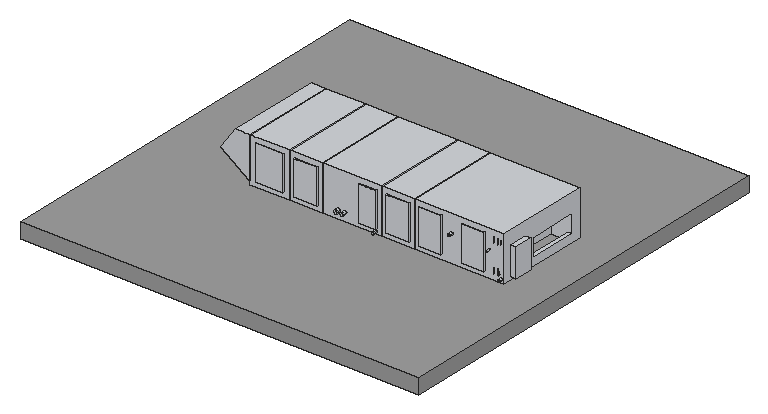
Revit family
Parameters (values of type "6 Row DX-R22")
  Wheel Size [instance] = ""
  Voltage = 480 V
  Unit Weight (lbs) = 3319  # constant formula
  URL = "http://www.appliedair.com"
  Total Static Pressure [instance] = 0.00 in-wg
  Total Heating Capacity [instance] = 0.0 Btu/h
  Total Cooling Capacity [instance] = 0.0 Btu/h
  Temperature Rise [instance] = 0 °F
  Supply Air Pressure Drop [instance] = 0.00 in-wg
  Supply Air Outlet Flow [instance] = 0 CFM
  Supply Air Inlet Flow [instance] = 0 CFM
  Series = "IFL"
  Return Coil Horizontal Offset = 1' - 1"  # constant formula
  Return Air Inlet Flow [instance] = 0 CFM
  Return Air Flow Height = 1' - 8"
  Refrigerant Type = "R22"
  Refrigerant Supply Pressure [instance] = 0.00 psi
  Refrigerant Supply Flow [instance] = 0 GPM
  Refrigerant Return Pressure [instance] = 0.00 psi
  Refrigerant Return Flow [instance] = 0 GPM
  Product URL = "http://www.appliedair.com/ifl.asp"
  Power Vertical Offset = 1' - 2 1/4"
  Power Horizontal Offset = 2' - 6"
  Power Connection Radius = 0' - 0 3/4"
  Phase = 3
  Output Heat [instance] = 0.0 Btu/h
  OmniClass = "23-75 10 24 21 27 17"
  Number of Rows = 6
  Number of Poles = 3
  Nominal Width = 6' - 4"  # constant formula
  Nominal Length = 18' - 11 5/16"  # constant formula
  Nominal Height = 3' - 0"  # constant formula
  Motor Horsepower (HP) [instance] = 0
  Motor Brake Horsepower (BHP) [instance] = 0
  Motor Amps [instance] = 0 A
  Model = "20"
  Minimum Input [instance] = 0.0 Btu/h
  Minimum Air Flow = 1500 CFM
  Maximum Input [instance] = 0.0 Btu/h
  Maximum Air Flow = 5000 CFM
  Manufacturer = "Applied Air"
  M = 3' - 4"  # constant formula
  L = 1' - 2 1/2"  # constant formula
  K = 2' - 4 11/16"  # constant formula
  J = 0' - 6 3/8"  # constant formula
  Heating Leaving Water Temperature [instance] = 0 °F
  Heating Leaving Air Temperature Wet Bulb [instance] = 0 °F
  Heating Leaving Air Temperature Dry Bulb [instance] = 0 °F
  Heating Entering Water Temperature [instance] = 0 °F
  Heating Entering Air Temperature Wet Bulb [instance] = 0 °F
  Heating Entering Air Temperature Dry Bulb [instance] = 0 °F
  Gas Vertical Offset = 1' - 9"  # constant formula
  Gas Horizontal Offset = 0' - 11 1/2"
  Gas Connection Radius = 0' - 0 3/8"  # constant formula
  Condensate Vertical Offset = 0' - 2 3/4"
  Condensate Radius = 0' - 0 3/4"  # constant formula
  Gas Pressure Drop [instance] = 0.00 psi
  Gas Input [instance] = 0.0 Btu/h
  Condensate Drain  Horizontal Offset = 0' - 1 27/32"
  Gas Flow [instance] = 0 GPM
  Condensate Drain Connection Radius = Condensate Radius  # 0' - 0 3/4"
  Furnace Size [instance] = ""
  Frequency = 60 Hz
  Fan Speed (RPM) [instance] = 0
  Face Velocity (FPM) [instance] = 0
  Face Pressure Drop [instance] = 0' - 0"
  Drain Pressure Drop [instance] = 0.00 psi
  Drain Flow [instance] = 0 GPM
  Description = "Dedicated Outside Air Split System"
  Cooling Sensible Capacity [instance] = 0 Btu/h
  Cooling Leaving Air Temperature Wet Bulb [instance] = 0 °F
  Cooling Leaving Air Temperature Dry Bulb [instance] = 0 °F
  Cooling Entering Air Temperature Wet Bulb [instance] = 0 °F
  Cooling Entering Air Temperature Dry Bulb [instance] = 0 °F
  Cooling Coil Radius = 0' 2 1/2" / 2  # 0' - 1 1/4"
  H = 0' - 3 1/16"
  G = 1' - 11 5/16"
  Drain Vertical Offset = 0' - 2"
  Drain Radius = 0' - 1"
  Drain Horizontal Offset = 0' - 5"
  Default Elevation = 4' - 0"
  F = 2' - 2"
  E = 4' - 0"
  D = 5' - 4"
  Combustion Air Flow [instance] = 0 CFM
  Coils Depth = 0' - 3"
  Coil Outlet Vertical Offset = 2' - 5 113/256"  # constant formula
  Coil Face Area = if(Choose Coil Option = 1, 6.00 SF, if(Choose Coil Option = 2, 10.50 SF, 0.00 SF))  # 10.50 SF
  Choose Coil Option = 2
  Coil Inlet Vertical Offsets = 0' - 6 143/256"
  Supply Coil Horizontal Offset = 1' - 6"  # constant formula
  Burner Amps [instance] = 0 A
  B = 6' - 0"
  Assembly Code = "D3030200"
  Apparent Power [instance] = (Motor Amps + Burner Amps) * Voltage * sqrt(3)  # 0 VA
  AHU Material = Galvanized Steel
  24x63 DX Coils = Choose Coil Option = 2  # yes
  24x36 DX Coils = Choose Coil Option = 1  # no
Reference planes (in)
  plane 1 "Center (Front/Back)": y = 0
  plane 2: z = -0.00391
  plane 3 "Center (Left/Right)": x = 0
  plane 4: y = 38
  plane 5: y = -38
  plane 6: x = -24
  plane 7: x = 24
  plane 8: x = 50
  plane 9: z = 35.99609
  plane 10: x = 122
  plane 11: x = -50
  plane 12: x = -82
  plane 13: x = -105.3125
  plane 14: x = -11
  plane 15: x = -6
  plane 16: z = 6.55469
  plane 17: z = 6.55469
  plane 18: y = -41
  plane 19: x = 19
  plane 20: z = 1.99609
  plane 21: x = 80
  plane 22: z = 21.74609
  plane 23: z = 2.74609
  plane 24: x = 120.15625
  plane 25: x = 110.5
  plane 26: z = 20.99609
Forms (in)
  Extrusion 1, solid, material "Default"
    sketch origin (0, 0, 0) x (1, 0, 0) y (0, 1, 0)
      loop
        line (-164.84185, 166) -> (-164.84185, -165.6411) -> (155.35983, -165.6411) -> (155.35983, 166) -> (-164.84185, 166)
    from -0.00391 to -12
  Extrusion 2, solid
    sketch origin (0.62705, 0, 0) x (1, 0, 0) y (0, 0, 1)
      loop
        line (-24.62705, 0) -> (23.37295, 0) -> (23.37295, 35.99609) -> (-24.62705, 35.99609) -> (-24.62705, 0)
    from -38 to 38
  Extrusion 3, solid
    sketch origin (66.62705, 0, 0) x (1, 0, 0) y (0, 0, 1)
      loop
        line (-42.62705, 0) -> (-16.62705, 0) -> (-16.62705, 35.99609) -> (-42.62705, 35.99609) -> (-42.62705, 0)
    from -38 to 38
  Extrusion 4, solid
    sketch origin (120.62705, 0, 0) x (1, 0, 0) y (0, 0, 1)
      loop
        line (-70.62705, 0) -> (1.37295, 0) -> (1.37295, 35.99609) -> (-70.62705, 35.99609) -> (-70.62705, 0)
    from -38 to 38
  Extrusion 5, solid
    sketch origin (-17.37295, 0, 0) x (1, 0, 0) y (0, 0, 1)
      loop
        line (-32.62705, -0.00391) -> (-6.62705, -0.00391) -> (-6.62705, 35.99609) -> (-32.62705, 35.99609) -> (-32.62705, -0.00391)
    from -38 to 38
  Extrusion 6, solid
    sketch origin (-41.37295, 0, 0) x (1, 0, 0) y (0, 0, 1)
      loop
        line (-40.62705, -0.00391) -> (-8.62705, -0.00391) -> (-8.62705, 35.99609) -> (-40.62705, 35.99609) -> (-40.62705, -0.00391)
    from -38 to 38
  Extrusion 7, solid
    sketch origin (0, 0, 0) x (1, 0, 0) y (0, 0, 1)
      loop
        line (-105.3125, 18.99609) -> (-82, 2.99609) -> (-82, 35.99609) -> (-93.64494, 35.99609) -> (-105.3125, 18.99609)
    from -38 to 38
  Extrusion 8, void
    sketch origin (0, 0, 0) x (1, 0, 0) y (0, 1, 0)
      loop
        line (-75, 32) -> (-75, -32) -> (-55, -32) -> (-55, 32) -> (-75, 32)
    from 0 to 31.59567
  Extrusion 9, void
    sketch origin (0, 0, 0) x (0, 1, 0) y (0, 0, 1)
      loop
        line (-32, 9) -> (32, 9) -> (32, 29) -> (-32, 29) -> (-32, 9)
    from -55 to -94.13707
  Extrusion 10, void
    sketch origin (0, 0, 0) x (1, 0, 0) y (0, 1, 0)
      loop
        line (118.9375, -9.3125) -> (118.9375, 30.6875) -> (104.4375, 30.6875) -> (104.4375, -9.3125) -> (118.9375, -9.3125)
    from 0 to 21.23232
  Extrusion 11, void
    sketch origin (0, 0, 0) x (1, 0, 0) y (0, 0, 1)
      loop
        line (122, 6.37109) -> (122, 20.87109) -> (104.4375, 20.87109) -> (104.4375, 6.37109) -> (122, 6.37109)
    from -30.6875 to 9.3125
  Extrusion 12, solid
    sketch origin (0, 0, 0) x (1, 0, 0) y (0, 1, 0)
      loop
        line (122, -17) -> (122, -32) -> (127, -32) -> (127, -17) -> (122, -17)
    from 3.06225 to 25.87762
  Extrusion 13, solid
    sketch origin (0, 0, 0) x (1, 0, 0) y (0, 0, 1)
      loop
        circle (-6, 6.55469) r 1.25
      loop
        circle (-11, 6.55469) r 1.25
      loop
        circle (19, 1.99609) r 1
      loop
        circle (80, 21.74609) r 0.75
      loop
        circle (120.15625, 2.74609) r 0.75
      loop
        circle (110.5, 20.99609) r 0.375
    from 38 to 41
  Extrusion 14, solid
    sketch origin (0, -38, 0) x (1, 0, 0) y (0, 0, 1)
      loop
        line (-55, 31.99609) -> (-77, 31.99609) -> (-77, 3.99609) -> (-55, 3.99609) -> (-55, 31.99609)
      loop
        line (-28, 31.99609) -> (-46, 31.99609) -> (-46, 3.99609) -> (-28, 3.99609) -> (-28, 31.99609)
      loop
        line (20, 31.99609) -> (6, 31.99609) -> (6, 3.99609) -> (20, 3.99609) -> (20, 31.99609)
      loop
        line (46, 31.99609) -> (28, 31.99609) -> (28, 3.99609) -> (46, 3.99609) -> (46, 31.99609)
      loop
        line (72, 31.99609) -> (54, 31.99609) -> (54, 3.99609) -> (72, 3.99609) -> (72, 31.99609)
      loop
        line (107, 31.99609) -> (89, 31.99609) -> (89, 3.99609) -> (107, 3.99609) -> (107, 31.99609)
    from 0 to 1
  Extrusion 15, void
    sketch origin (-0.35783, 0, -2.35783) x (1, 0, 0) y (0, 0, 1)
      loop
        line (114.55215, 32.70523) -> (114.55215, 32.20523) -> (116.80215, 32.20523) -> (116.80215, 32.70523) -> (114.55215, 32.70523)
      loop
        line (117.55215, 32.70523) -> (117.55215, 32.20523) -> (119.80215, 32.20523) -> (119.80215, 32.70523) -> (117.55215, 32.70523)
      loop
        line (114.55215, 33.45523) -> (114.55215, 32.95523) -> (116.80215, 32.95523) -> (116.80215, 33.45523) -> (114.55215, 33.45523)
      loop
        line (117.55215, 33.45523) -> (117.55215, 32.95523) -> (119.80215, 32.95523) -> (119.80215, 33.45523) -> (117.55215, 33.45523)
      loop
        line (114.55215, 31.95523) -> (114.55215, 31.45523) -> (116.80215, 31.45523) -> (116.80215, 31.95523) -> (114.55215, 31.95523)
      loop
        line (117.55215, 31.95523) -> (117.55215, 31.45523) -> (119.80215, 31.45523) -> (119.80215, 31.95523) -> (117.55215, 31.95523)
      loop
        line (114.55215, 31.20523) -> (114.55215, 30.70523) -> (116.80215, 30.70523) -> (116.80215, 31.20523) -> (114.55215, 31.20523)
      loop
        line (117.55215, 31.20523) -> (117.55215, 30.70523) -> (119.80215, 30.70523) -> (119.80215, 31.20523) -> (117.55215, 31.20523)
      loop
        line (114.55215, 30.45523) -> (114.55215, 29.95523) -> (116.80215, 29.95523) -> (116.80215, 30.45523) -> (114.55215, 30.45523)
      loop
        line (117.55215, 30.45523) -> (117.55215, 29.95523) -> (119.80215, 29.95523) -> (119.80215, 30.45523) -> (117.55215, 30.45523)
      loop
        line (114.55215, 29.70523) -> (114.55215, 29.20523) -> (116.80215, 29.20523) -> (116.80215, 29.70523) -> (114.55215, 29.70523)
      loop
        line (117.55215, 29.70523) -> (117.55215, 29.20523) -> (119.80215, 29.20523) -> (119.80215, 29.70523) -> (117.55215, 29.70523)
      loop
        line (114.55215, 7.78696) -> (116.80215, 7.78696) -> (116.80215, 8.28696) -> (114.55215, 8.28696) -> (114.55215, 7.78696)
      loop
        line (117.55215, 7.78696) -> (119.80215, 7.78696) -> (119.80215, 8.28696) -> (117.55215, 8.28696) -> (117.55215, 7.78696)
      loop
        line (114.55215, 7.03696) -> (116.80215, 7.03696) -> (116.80215, 7.53696) -> (114.55215, 7.53696) -> (114.55215, 7.03696)
      loop
        line (117.55215, 7.03696) -> (119.80215, 7.03696) -> (119.80215, 7.53696) -> (117.55215, 7.53696) -> (117.55215, 7.03696)
      loop
        line (114.55215, 8.53696) -> (116.80215, 8.53696) -> (116.80215, 9.03696) -> (114.55215, 9.03696) -> (114.55215, 8.53696)
      loop
        line (117.55215, 8.53696) -> (119.80215, 8.53696) -> (119.80215, 9.03696) -> (117.55215, 9.03696) -> (117.55215, 8.53696)
      loop
        line (114.55215, 9.28696) -> (116.80215, 9.28696) -> (116.80215, 9.78696) -> (114.55215, 9.78696) -> (114.55215, 9.28696)
      loop
        line (117.55215, 9.28696) -> (119.80215, 9.28696) -> (119.80215, 9.78696) -> (117.55215, 9.78696) -> (117.55215, 9.28696)
      loop
        line (114.55215, 10.03696) -> (116.80215, 10.03696) -> (116.80215, 10.53696) -> (114.55215, 10.53696) -> (114.55215, 10.03696)
      loop
        line (117.55215, 10.03696) -> (119.80215, 10.03696) -> (119.80215, 10.53696) -> (117.55215, 10.53696) -> (117.55215, 10.03696)
      loop
        line (114.55215, 10.78696) -> (116.80215, 10.78696) -> (116.80215, 11.28696) -> (114.55215, 11.28696) -> (114.55215, 10.78696)
      loop
        line (117.55215, 10.78696) -> (119.80215, 10.78696) -> (119.80215, 11.28696) -> (117.55215, 11.28696) -> (117.55215, 10.78696)
    from 32 to 38
Cuts and joins
  Extrusion 8, Extrusion 9 cuts Extrusion 6
  Extrusion 9 cuts Extrusion 2
  Extrusion 9 cuts Extrusion 3
  Extrusion 9 cuts Extrusion 7
  Extrusion 10, Extrusion 11, Extrusion 15 cuts Extrusion 4
Dimensions and locks (in)
  "Nominal Width": plane 5 to plane 4
  "E": plane 6 to plane 7
  equal spacing: plane 6, plane 3 "Center (Left/Right)", plane 7
  "Nominal Height": plane 9 to plane 2
  "F": plane 7 to plane 8
  "F": plane 11 to plane 6
  locked: plane 12 to plane 11 at 32
  "B": plane 8 to plane 10
  "G": plane 13 to plane 12
  "D": Extrusion 8 sketch curve to Extrusion 8 sketch curve
  locked: Extrusion 8 sketch curve to Extrusion 8 sketch curve at 20
  locked: Extrusion 9 sketch curve to Extrusion 9 sketch curve at 20
  "D": Extrusion 9 sketch curve to Extrusion 9 sketch curve
  locked: level to Extrusion 9 sketch curve at 9
  "K": plane 5 to Extrusion 10 sketch curve
  "M": Extrusion 10 sketch curve to Extrusion 10 sketch curve
  "H": Extrusion 10 sketch curve to plane 10
  "L": Extrusion 10 sketch curve to Extrusion 10 sketch curve
  "J": Extrusion 11 sketch curve to plane 2
  "L": Extrusion 11 sketch curve to Extrusion 11 sketch curve
  "K": cut or joined group of Extrusion 4, Extrusion 10, Extrusion 11, Extrusion 15 to plane 5
  "M": cut or joined group of Extrusion 4, Extrusion 10, Extrusion 11, Extrusion 15 to cut or joined group of Extrusion 4, Extrusion 10, Extrusion 11, Extrusion 15
  locked: plane 9 to Extrusion 12 at 10.11847
  locked: Extrusion 12 to Extrusion 12 at 22.81538
  locked: Extrusion 12 to plane 2 at 3.06615
  locked: Extrusion 12 to Extrusion 12 at 5
  "Coils Depth": plane 18 to plane 5
  "Coil Inlet Vertical Offsets": plane 16 to plane 2
  "Coil Outlet Vertical Offset": plane 9 to plane 17
  "Return Coil Horizontal Offset": plane 6 to plane 14
  "Supply Coil Horizontal Offset": plane 6 to plane 15
  "Drain Vertical Offset": plane 20 to plane 2
  "Drain Horizontal Offset": plane 19 to plane 7
  locked: plane 12 to Extrusion 14 sketch curve at 5
  locked: Extrusion 14 sketch curve to plane 11 at 5
  locked: plane 9 to Extrusion 14 sketch curve at 4  (x6)
  locked: Extrusion 14 sketch curve to plane 2 at 4  (x6)
  locked: plane 11 to Extrusion 14 sketch curve at 4
  locked: Extrusion 14 sketch curve to plane 6 at 4
  locked: plane 6 to Extrusion 14 sketch curve at 30
  locked: Extrusion 14 sketch curve to plane 7 at 4
  locked: plane 7 to Extrusion 14 sketch curve at 4
  locked: Extrusion 14 sketch curve to plane 8 at 4
  locked: plane 8 to Extrusion 14 sketch curve at 4
  locked: Extrusion 14 sketch curve to Extrusion 14 sketch curve at 17
  locked: Extrusion 14 sketch curve to plane 10 at 15
  "Power Vertical Offset": plane 9 to plane 22
  "Power Horizontal Offset": plane 8 to plane 21
  locked: Extrusion 14 to plane 5 at 1
  "Condensate Vertical Offset": plane 23 to plane 2
  plane 13 to plane 10 = 18' - 11 5/16"
  "Condensate Drain  Horizontal Offset": plane 24 to plane 10
  "Gas Vertical Offset": plane 26 to plane 2
  "Gas Horizontal Offset": plane 25 to plane 10
  locked: Extrusion 13 sketch curve to plane 14 at 0
  locked: Extrusion 13 sketch curve to plane 15 at 0
  locked: Extrusion 13 sketch curve to plane 19 at 0
  locked: Extrusion 13 sketch curve to plane 21 at 0
  locked: Extrusion 13 sketch curve to plane 25 at 0
  locked: Extrusion 13 sketch curve to plane 23 at 0
  locked: Extrusion 13 sketch curve to plane 24 at 0
  locked: Extrusion 13 sketch curve to plane 20 at 0
  locked: Extrusion 13 sketch curve to plane 16 at 0
  locked: Extrusion 13 sketch curve to plane 26 at 0
  locked: Extrusion 13 sketch curve to plane 22 at 0
  locked: Extrusion 13 sketch curve to plane 17 at 0
  "Cooling Coil Radius": radius of Extrusion 13 sketch curve  (x2)
  "Drain Radius": radius of Extrusion 13 sketch curve
  "Power Connection Radius": radius of Extrusion 13 sketch curve
  "Condensate Drain Connection Radius": radius of Extrusion 13 sketch curve
  "Gas Connection Radius": radius of Extrusion 13 sketch curve
  aligned and locked: plane 2 to Extrusion 1
  aligned and locked: Extrusion 2 to plane 4
  aligned and locked: plane 5 to Extrusion 2
  aligned and locked: plane 6 to Extrusion 2
  aligned and locked: plane 7 to Extrusion 2
  aligned and locked: plane 7 to Extrusion 3
  aligned and locked: Extrusion 3 to plane 8
  aligned and locked: plane 9 to Extrusion 2
  aligned and locked: Extrusion 3 to Extrusion 2
  aligned and locked: plane 5 to Extrusion 3
  aligned and locked: Extrusion 3 to plane 4
  aligned and locked: Extrusion 4 to plane 9
  aligned and locked: plane 8 to Extrusion 4
  aligned and locked: Extrusion 4 to plane 10
  aligned and locked: plane 5 to Extrusion 4
  aligned and locked: Extrusion 4 to plane 4
  aligned and locked: Extrusion 5 to plane 6
  aligned and locked: plane 11 to Extrusion 5
  aligned and locked: Extrusion 5 to plane 9
  aligned and locked: Extrusion 5 to plane 2
  aligned and locked: Extrusion 5 to plane 4
  aligned and locked: plane 5 to Extrusion 5
  aligned and locked: plane 5 to Extrusion 6
  aligned and locked: Extrusion 6 to plane 4
  aligned and locked: plane 12 to Extrusion 6
  aligned and locked: Extrusion 6 to plane 11
  aligned and locked: Extrusion 6 to plane 9
  aligned and locked: Extrusion 6 to plane 2
  aligned and locked: Extrusion 7 to plane 9
  aligned and locked: plane 13 to Extrusion 7
  aligned and locked: Extrusion 7 to plane 12
  aligned and locked: Extrusion 7 to plane 4
  aligned and locked: plane 5 to Extrusion 7
  aligned and locked: cut or joined group of Extrusion 6, Extrusion 8, Extrusion 9 to Extrusion 9 sketch curve
  aligned and locked: cut or joined group of Extrusion 6, Extrusion 8, Extrusion 9 to Extrusion 9
  aligned and locked: Extrusion 10 to level
  aligned and locked: cut or joined group of Extrusion 4, Extrusion 10, Extrusion 11, Extrusion 15 to Extrusion 11 sketch curve
  aligned and locked: plane 10 to Extrusion 11 sketch curve
  aligned and locked: plane 10 to Extrusion 12
  aligned and locked: plane 5 to Extrusion 13
  aligned and locked: plane 18 to Extrusion 13
  aligned and locked: Extrusion 14 to plane 5
  aligned and locked: cut or joined group of Extrusion 4, Extrusion 10, Extrusion 11, Extrusion 15 to plane 5
Automatic sketch dimensions
  Extrusion 1 sketch curve to Extrusion 1 sketch curve = 26' - 8.20168"
  Extrusion 1 sketch curve to Extrusion 1 sketch curve = 27' - 7.6411"
  Extrusion 2 sketch curve to level = 0' - 0"
  Extrusion 2 sketch curve to plane 6 = 0' - 0"
  Extrusion 2 sketch curve to plane 7 = 0' - 0"
  Extrusion 2 sketch curve to plane 9 = 0' - 0"
  Extrusion 3 sketch curve to level = 0' - 0"
  Extrusion 3 sketch curve to plane 7 = 0' - 0"
  Extrusion 3 sketch curve to plane 8 = 0' - 0"
  Extrusion 3 sketch curve to plane 9 = 0' - 0"
  Extrusion 4 sketch curve to level = 0' - 0"
  Extrusion 4 sketch curve to plane 8 = 0' - 0"
  Extrusion 4 sketch curve to plane 9 = 0' - 0"
  Extrusion 4 sketch curve to plane 10 = 0' - 0"
  Extrusion 5 sketch curve to plane 2 = 0' - 0"
  Extrusion 5 sketch curve to plane 11 = 0' - 0"
  Extrusion 5 sketch curve to plane 6 = 0' - 0"
  Extrusion 5 sketch curve to plane 9 = 0' - 0"
  Extrusion 6 sketch curve to plane 2 = 0' - 0"
  Extrusion 6 sketch curve to plane 12 = 0' - 0"
  Extrusion 6 sketch curve to plane 9 = 0' - 0"
  Extrusion 6 sketch curve to plane 11 = 0' - 0"
  Extrusion 7 sketch curve to plane 13 = 0' - 0"
  Extrusion 7 sketch curve to plane 9 = 0' - 0"
  Extrusion 7 sketch curve to plane 12 = 0' - 0"
  plane 12 to Extrusion 7 sketch curve = 0' - 11.64494"
  Extrusion 8 sketch curve to plane 12 = 0' - 7"
  Extrusion 8 sketch curve to plane 5 = 0' - 6"
  Extrusion 12 sketch curve to plane 10 = 0' - 0"
  Extrusion 12 sketch curve to plane 10 = 0' - 5"
  Extrusion 12 sketch curve to plane 5 = 0' - 6"
  Extrusion 12 sketch curve to Extrusion 12 sketch curve = 1' - 3"
  Extrusion 14 sketch curve to Extrusion 14 sketch curve = 1' - 6"
  Extrusion 15 sketch curve to Extrusion 15 sketch curve = 0' - 0"  (x41)
  Extrusion 15 sketch curve to Extrusion 15 sketch curve = 0' - 0 1/2"  (x23)
  Extrusion 15 sketch curve to Extrusion 15 sketch curve = 0' - 0 1/4"  (x20)
  plane 26 to Extrusion 7 sketch curve = 0' - 2"
  Extrusion 15 sketch curve to Extrusion 15 sketch curve = 0' - 2 1/4"  (x5)
  Extrusion 15 sketch curve to Extrusion 15 sketch curve = 0' - 0 3/4"  (x4)
  plane 9 to Extrusion 15 sketch curve = 2' - 7.31696"
  Extrusion 15 sketch curve to Extrusion 15 sketch curve = 1' - 5.91827"
  plane 10 to Extrusion 15 sketch curve = 0' - 7.80568"
Connectors (in)
  hvac at (-93.65625, 0, 10.99609), driven by "D", driven by "Return Air Flow Height", driven by "Supply Air Inlet Flow"
    settings: on cut or joined group of Extrusion 7, Extrusion 9, index 1
  hvac at (-65, 0, -0.00391), driven by "D", driven by "Return Air Flow Height", driven by "Return Air Inlet Flow"
    settings: on cut or joined group of Extrusion 6, Extrusion 8, Extrusion 9, index 2
  hvac at (111.6875, 10.6875, 0), driven by "M", driven by "L", driven by "Supply Air Outlet Flow"
    settings: on cut or joined group of Extrusion 4, Extrusion 10, Extrusion 11, Extrusion 15, index 3
  hvac at (122, 10.6875, 13.62109), driven by "M", driven by "L", driven by "Supply Air Outlet Flow"
    settings: on cut or joined group of Extrusion 4, Extrusion 10, Extrusion 11, Extrusion 15, index 4
  piping at (-11, -41, 6.55469), driven by "Cooling Coil Radius", driven by "Refrigerant Return Flow", driven by "Refrigerant Return Pressure"
    settings: on Extrusion 13, index 5
  piping at (-6, -41, 6.55469), driven by "Cooling Coil Radius", driven by "Refrigerant Supply Flow", driven by "Refrigerant Supply Pressure"
    settings: on Extrusion 13, index 6
  piping at (19, -41, 1.99609), driven by "Drain Radius", driven by "Drain Flow"
    settings: on Extrusion 13, index 7
  electrical at (80, -41, 21.74609), driven by "Number of Poles", driven by "Apparent Power", driven by "Voltage"
    settings: on Extrusion 13, index 8
  piping at (120.15625, -41, 2.74609), driven by "Condensate Radius", driven by "Drain Flow", driven by "Gas Pressure Drop"
    settings: on Extrusion 13, index 9
  piping at (110.5, -41, 20.99609), driven by "Gas Connection Radius", driven by "Gas Flow"
    settings: on Extrusion 13, index 10
